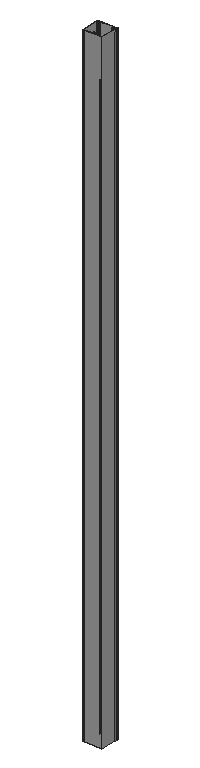
Revit family "Wand und Deckenkanal-WDK60060RW", category Generic Models, Revit 2017
Family settings
  Can host rebar = No
  Round Connector Dimension = Use Diameter
  Part Type = Normal
  Work Plane-Based = No
  Always vertical = Yes
  Cut with Voids When Loaded = No
  Shared = No
  Room Calculation Point = No
Parameters (values of type "WDK60060RW")
  Width = 60 mm
  URL = "http://www.obo-bettermann.com"
  Material = Polyvinylchlorid
  Manufacturer Art.No. = "6191193"
  Manufacturer = "OBO BETTERMANN"
  Length = 2000 mm
  Height = 60 mm
  GTIN = "4012196363018"
  Article Type = "WDK60060RW"
Reference planes
  plane 1 "Center (Front/Back)": y = 0
  plane 2: z = 0
  plane 3 "Center (Left/Right)": x = 0
  plane 4: x = 60
  plane 5: y = 58.2
  plane 6: x = 30
  plane 7: y = 4.2
  plane 8: y = 7.2
  plane 9: x = 29.1
  plane 10: x = 30.9
  plane 11: x = 27.25
  plane 12: x = 32.75
  plane 13: through (9.887, 50.276, 1200) normal (0.9997, 0.0262, 0)
  plane 14: through (7.821, 52.799, 1200) normal (0.9997, 0.0262, 0)
  plane 15: y = 50.9
  plane 16: through (9.887, 50.276, 1200) normal (-0.9997, -0.0262, 0)
  plane 17: y = 55.725
  plane 18: x = -0.27
  plane 19: x = 60.27
  plane 20: x = -0.27
  plane 21: x = 60.27
  plane 22: x = 3.23
  plane 23: x = 5.83
  plane 24: x = 5.83
  plane 25: x = 3.23
  plane 26: y = 54.042
  plane 27: y = 56.226
  plane 28: z = 2000
  plane 29: x = 30
  plane 30: x = 3.23
  plane 31: x = 56.77
  plane 32: y = 60
  plane 33: y = 51.7
  plane 34: x = 0
  plane 35: x = 60
  plane 36: y = 55.5
  plane 37: x = 58.417
Forms (mm)
  Extrusion 1, solid, material "Polyvinylchlorid" <- "Material"
    sketch origin (0, 0, 0) x (1, 0, 0) y (0, 1, 0)
      loop
        line (0, 0) -> (60, 0) -> (61.303, 49.76)
        arc (61.303, 49.76) -> (61.186, 50.489) -> (60.811, 51.126) r 2
        line (60.811, 51.126) -> (58.27, 54.042) -> (58.27, 55.326) -> (60.27, 56.226) -> (60.27, 57.403) -> (59.667, 58.007)
        arc (59.667, 58.007) -> (59.298, 58.2) -> (58.885, 58.15) r 0.699
        line (58.885, 58.15) -> (56.77, 57.198) -> (56.77, 53.493)
        arc (56.77, 53.493) -> (56.987, 52.946) -> (56.77, 52.398) r 0.8
        line (56.77, 52.398) -> (53.656, 52.398)
        arc (53.656, 52.398) -> (53.246, 52.635) -> (53.248, 53.108) r 0.472
        line (53.248, 53.108) -> (54.058, 54.496)
        arc (54.058, 54.496) -> (53.874, 55.538) -> (52.815, 55.524) r 0.817
        line (52.815, 55.524) -> (50.821, 53.786)
        arc (50.821, 53.786) -> (50.24, 52.968) -> (50.304, 51.966) r 1.5
        line (50.304, 51.966) -> (52.13, 50.9) -> (57.079, 50.9)
        arc (57.079, 50.9) -> (58.512, 50.296) -> (59.078, 48.848) r 2
        line (59.078, 48.848) -> (57.857, 2.2) -> (30.9, 2.2) -> (30.9, 4.2) -> (32.75, 4.2) -> (31.215, 6.69)
        arc (31.215, 6.69) -> (29.811, 7.191) -> (28.535, 6.42) r 1.737
        line (28.535, 6.42) -> (27.069, 4.2) -> (29.1, 4.2) -> (29.1, 2.2) -> (2.143, 2.2) -> (0.922, 48.848)
        arc (0.922, 48.848) -> (1.488, 50.296) -> (2.921, 50.9) r 2
        line (2.921, 50.9) -> (7.87, 50.9) -> (9.696, 51.966)
        arc (9.696, 51.966) -> (9.76, 52.968) -> (9.179, 53.786) r 1.5
        line (9.179, 53.786) -> (7.185, 55.524)
        arc (7.185, 55.524) -> (6.126, 55.538) -> (5.942, 54.496) r 0.817
        line (5.942, 54.496) -> (6.752, 53.108)
        arc (6.752, 53.108) -> (6.754, 52.635) -> (6.344, 52.398) r 0.472
        line (6.344, 52.398) -> (3.23, 52.398)
        arc (3.23, 52.398) -> (3.013, 52.946) -> (3.23, 53.493) r 0.8
        line (3.23, 53.493) -> (3.23, 57.198) -> (1.115, 58.15)
        arc (1.115, 58.15) -> (0.702, 58.2) -> (0.333, 58.007) r 0.699
        line (0.333, 58.007) -> (-0.27, 57.403) -> (-0.27, 56.226) -> (1.73, 55.326) -> (1.73, 54.042) -> (-0.811, 51.126)
        arc (-0.811, 51.126) -> (-1.186, 50.489) -> (-1.303, 49.76) r 2
        line (-1.303, 49.76) -> (0, 0)
    from 0 to 2000
  Extrusion 2, solid, material "Polyvinylchlorid" <- "Material"
    sketch origin (0, 0, 0) x (1, 0, 0) y (0, 1, 0)
      loop
        arc (0.492, 60) -> (-0.999, 59.382) -> (-1.617, 57.891) r 2.109
        line (-1.617, 57.891) -> (-1.617, 52.346)
        arc (-1.617, 52.346) -> (-1.184, 51.718) -> (-0.443, 51.9) r 0.672
        arc (-0.443, 51.9) -> (0.111, 53.448) -> (1.583, 54.179) r 2.2
        line (1.583, 54.179) -> (1.583, 55.096) -> (-0.278, 55.737) -> (-0.278, 58.2)
        arc (-0.278, 58.2) -> (-0.132, 58.554) -> (0.222, 58.7) r 0.5
        line (0.222, 58.7) -> (59.778, 58.7)
        arc (59.778, 58.7) -> (60.132, 58.554) -> (60.278, 58.2) r 0.5
        line (60.278, 58.2) -> (60.278, 55.737) -> (58.417, 55.096) -> (58.417, 54.179)
        arc (58.417, 54.179) -> (59.889, 53.448) -> (60.443, 51.9) r 2.2
        arc (60.443, 51.9) -> (61.184, 51.718) -> (61.617, 52.346) r 0.672
        line (61.617, 52.346) -> (61.617, 57.891)
        arc (61.617, 57.891) -> (60.999, 59.382) -> (59.508, 60) r 2.109
        line (59.508, 60) -> (0.492, 60)
    from 0 to 2000
Dimensions and locks
  locked: Extrusion 1 sketch curve to plane 6 at 30
  locked: plane 8 to plane 7 at 3
  locked: plane 1 "Center (Front/Back)" to plane 5 at 58.2
  locked: plane 5 to plane 15 at 7.3
  locked: plane 17 to plane 15 at 4.825
  locked: plane 6 to plane 19 at 30.27
  locked: plane 18 to plane 6 at 30.27
  locked: plane 20 to plane 22 at 3.5
  locked: plane 22 to plane 23 at 2.6
  locked: Extrusion 1 sketch curve to Extrusion 1 sketch curve at 7
  locked: plane 5 to plane 26 at 4.158
  locked: plane 27 to Extrusion 1 sketch curve at 0.9
  plane 27 to Extrusion 1 sketch curve = 0.9 mm
  locked: Extrusion 1 to Extrusion 1 at 58.211  (x2)
  locked: Extrusion 1 to Extrusion 1 at 60.54
  locked: Extrusion 1 to Extrusion 1 at 59.979
  locked: level to plane 28 at 2000
  locked: plane 3 "Center (Left/Right)" to plane 29 at 30
  locked: plane 1 "Center (Front/Back)" to plane 32 at 60
  locked: plane 30 to plane 29 at 26.77
  locked: plane 29 to plane 31 at 26.77
  locked: plane 34 to plane 29 at 30
  locked: plane 29 to plane 35 at 30
  locked: plane 32 to plane 33 at 8.3
  locked: plane 36 to Extrusion 2 sketch curve at 3.2
  plane 37 to Extrusion 2 sketch curve = 3.2 mm
  locked: Extrusion 2 sketch curve to Extrusion 2 sketch curve at 1.3
  locked: Extrusion 2 sketch curve to Extrusion 2 sketch curve at 7.025
  locked: Extrusion 2 sketch curve to Extrusion 2 sketch curve at 3.2  (x2)
  Extrusion 2 sketch curve to Extrusion 2 sketch curve = 8.325 mm
  locked: Extrusion 2 sketch curve to Extrusion 2 sketch curve at 63.234
  locked: Extrusion 1 sketch curve to Extrusion 1 sketch curve (angle 91.50°)
  aligned and locked: level to plane 2
  aligned and locked: plane 20 to plane 18
  aligned and locked: plane 21 to plane 19
  aligned and locked: Extrusion 1 sketch curve to plane 25
  aligned and locked: plane 26 to Extrusion 1 sketch curve
  aligned and locked: plane 28 to Extrusion 1
  aligned and locked: Extrusion 1 to level
  aligned and locked: Extrusion 2 to Extrusion 1
  aligned and locked: Extrusion 2 to level
Automatic sketch dimensions
  Extrusion 1 sketch curve to plane 18 = 0 mm
  Extrusion 1 sketch curve to plane 15 = 0 mm
  Extrusion 1 sketch curve to plane 22 = 0 mm
  Extrusion 1 sketch curve to plane 14 = 0 mm
  Extrusion 1 sketch curve to plane 7 = 0 mm  (x2)
  Extrusion 1 sketch curve to plane 9 = 0 mm
  Extrusion 1 sketch curve to plane 10 = 0 mm
  Extrusion 1 sketch curve to plane 12 = 0 mm
  plane 15 to Extrusion 1 sketch curve = 0 mm
  plane 26 to Extrusion 1 sketch curve = 0 mm
  plane 1 "Center (Front/Back)" to Extrusion 1 sketch curve = 0 mm
  Extrusion 1 sketch curve to plane 4 = 0 mm
  Extrusion 1 sketch curve to plane 19 = 0 mm
  Extrusion 1 sketch curve to plane 27 = 0 mm
  plane 27 to Extrusion 1 sketch curve = 0 mm
  plane 15 to Extrusion 1 sketch curve = 0.226 mm  (x2)
  Extrusion 1 sketch curve to plane 3 "Center (Left/Right)" = 0.811 mm
  Extrusion 1 sketch curve to plane 3 "Center (Left/Right)" = 1.303 mm
  plane 3 "Center (Left/Right)" to Extrusion 1 sketch curve = 0.333 mm
  Extrusion 1 sketch curve to Extrusion 1 sketch curve = 0.494 mm
  plane 3 "Center (Left/Right)" to Extrusion 1 sketch curve = 0.922 mm
  Extrusion 1 sketch curve to plane 5 = 0.05 mm  (x2)
  Extrusion 1 sketch curve to Extrusion 1 sketch curve = 0.287 mm  (x2)
  Extrusion 1 sketch curve to plane 22 = 1.087 mm
  Extrusion 1 sketch curve to Extrusion 1 sketch curve = 1.999 mm
  plane 22 to Extrusion 1 sketch curve = 0.583 mm
  plane 23 to Extrusion 1 sketch curve = 0.112 mm
  plane 23 to Extrusion 1 sketch curve = 0.514 mm
  Extrusion 1 sketch curve to Extrusion 1 sketch curve = 0.706 mm
  Extrusion 1 sketch curve to Extrusion 1 sketch curve = 0.408 mm  (x2)
  Extrusion 1 sketch curve to plane 17 = 0.201 mm  (x2)
  Extrusion 1 sketch curve to Extrusion 1 sketch curve = 0.537 mm  (x2)
  Extrusion 1 sketch curve to Extrusion 1 sketch curve = 1.565 mm  (x2)
  Extrusion 1 sketch curve to plane 26 = 0.256 mm  (x2)
  Extrusion 1 sketch curve to Extrusion 1 sketch curve = 0.861 mm
  plane 15 to Extrusion 1 sketch curve = 1.066 mm  (x2)
  Extrusion 1 sketch curve to Extrusion 1 sketch curve = 1.379 mm
  Extrusion 1 sketch curve to plane 11 = 0.181 mm
  Extrusion 1 sketch curve to plane 6 = 0.015 mm
  plane 10 to Extrusion 1 sketch curve = 0.315 mm
  Extrusion 1 sketch curve to plane 4 = 9.696 mm
  Extrusion 1 sketch curve to Extrusion 1 sketch curve = 0.517 mm
  Extrusion 1 sketch curve to plane 26 = 1.484 mm
  Extrusion 1 sketch curve to Extrusion 1 sketch curve = 0.447 mm
  Extrusion 1 sketch curve to Extrusion 1 sketch curve = 1.994 mm
  Extrusion 1 sketch curve to plane 26 = 0.934 mm
  plane 26 to Extrusion 1 sketch curve = 0.454 mm
  Extrusion 1 sketch curve to plane 26 = 1.096 mm
  Extrusion 1 sketch curve to Extrusion 1 sketch curve = 2.531 mm
  Extrusion 1 sketch curve to Extrusion 1 sketch curve = 0.583 mm  (x2)
  Extrusion 1 sketch curve to plane 4 = 2.921 mm
  Extrusion 1 sketch curve to plane 4 = 2.143 mm
  Extrusion 1 sketch curve to Extrusion 1 sketch curve = 1.5 mm
  Extrusion 1 sketch curve to plane 4 = 1.115 mm
  Extrusion 1 sketch curve to plane 4 = 0.922 mm
  Extrusion 1 sketch curve to plane 4 = 0.696 mm
  Extrusion 1 sketch curve to plane 5 = 0.193 mm
  Extrusion 1 sketch curve to plane 4 = 0.333 mm
  plane 4 to Extrusion 1 sketch curve = 0.811 mm
  Extrusion 1 sketch curve to Extrusion 1 sketch curve = 0 mm  (x2)
  plane 7 to Extrusion 1 sketch curve = 1.263 mm
  Extrusion 1 sketch curve to plane 8 = 0.51 mm
  Extrusion 1 sketch curve to Extrusion 1 sketch curve = 1.498 mm
  Extrusion 1 sketch curve to Extrusion 1 sketch curve = 0.548 mm
  Extrusion 1 sketch curve to plane 17 = 0.399 mm
  Extrusion 1 sketch curve to plane 5 = 1.002 mm
  Extrusion 1 sketch curve to plane 9 = 0.565 mm
  Extrusion 2 sketch curve to plane 37 = 0.172 mm
  plane 33 to Extrusion 2 sketch curve = 0.286 mm  (x2)
  Extrusion 2 sketch curve to plane 30 = 1.475 mm
  Extrusion 2 sketch curve to plane 36 = 0.404 mm  (x2)
  plane 3 "Center (Left/Right)" to Extrusion 2 sketch curve = 0.492 mm
  plane 3 "Center (Left/Right)" to Extrusion 2 sketch curve = 0.222 mm
  Extrusion 2 sketch curve to plane 3 "Center (Left/Right)" = 0.278 mm
  Extrusion 2 sketch curve to Extrusion 2 sketch curve = 0.672 mm
  Extrusion 2 sketch curve to plane 35 = 0.492 mm
  Extrusion 2 sketch curve to plane 35 = 0.222 mm
  plane 35 to Extrusion 2 sketch curve = 0.278 mm
  plane 33 to Extrusion 2 sketch curve = 0.646 mm  (x2)
  Extrusion 2 sketch curve to Extrusion 2 sketch curve = 0.917 mm
  Extrusion 2 sketch curve to Extrusion 2 sketch curve = 2.193 mm
  plane 36 to Extrusion 2 sketch curve = 0.237 mm  (x2)
